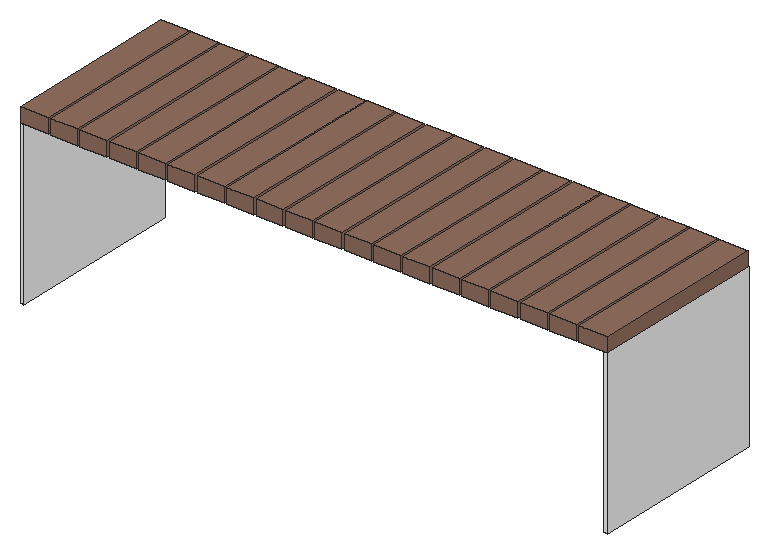
Revit family "HighTower_Ayre_Bench", category Furniture, Revit 2015
Parameters (values of type "Slat")
  Width = 5' - 0"
  Upholstered = no
  URL = "www.hightoweraccess.com"
  Slat = yes
  Seat [instance] = Furniture - HIGH TOWER - Ayre - Slat
  Product URL = "http://www.hightoweraccess.com/pricelist/new/pdf/ayre.pdf"
  Model = "HT12500"
  Manufacturer = "HighTower"
  Height = 1' - 6"
  Description = "Ayre Bench w/ Wood Slats"
  Depth = 1' - 6"
  Base [instance] = Furniture - HIGH TOWER - Ayre - Base
  Assembly Description = "Furniture & Accessories"
  Assembly Code = "E2020200"
Types (3): name | Upholstered | Slat | Seat | Model | Description
  (no name) | no | yes | Furniture - HIGH TOWER - Ayre - Slat | "HT12500" | "Ayre Bench w/ Wood Slats"
  Slat | no | yes | Furniture - HIGH TOWER - Ayre - Slat | "HT12500" | "Ayre Bench w/ Wood Slats"
  Upholstered | yes | no | Furniture - HIGH TOWER - Ayre - Upholstery | "HT12550U" | "Ayre Bench w/ Upholstered Seat"
Reference planes (in)
  plane 1 "Center Front/Back": y = -1.6274
  plane 2: z = 0
  plane 3 "Center Left/Right": x = 0
  plane 4 "L": x = -30
  plane 5 "R": x = 30
  plane 6 "F": y = -10.6274
  plane 7: y = 7.3726
  plane 8: through (-6.25338, 2.33237, 23.38953) normal (0.4297, -0.4297, 0.7941)
  plane 9: z = 18
  plane 10: z = 16.5
  plane 11: x = -29.25
  plane 12: x = 29.25
  plane 13 "BL": y = 4.3726
  plane 14 "FL": y = -7.6274
  plane 15: x = -27
  plane 16: x = -24
  plane 17: x = -21
  plane 18: x = -18
  plane 19: x = -15
  plane 20: x = -12
  plane 21: x = -9
  plane 22: x = -6
  plane 23: x = -3
  plane 24: x = 0
  plane 25: x = 3
  plane 26: x = 6
  plane 27: x = 9
  plane 28: x = 12
  plane 29: x = 15
  plane 30: x = 18
  plane 31: x = 21
  plane 32: x = 24
  plane 33: x = 27
Forms (in)
  Extrusion 1, solid, material "Furniture - HIGH TOWER - Ayre - Base" <- "Base"
    sketch origin (0, -7.6274, 0) x (-1, 0, 0) y (0, 0, -1)
      loop
        line (30, -16.5) -> (30, 0) -> (29.625, 0) -> (29.625, -16.5) -> (30, -16.5)
    from -15 to 3
  Extrusion 2, solid, material "Furniture - HIGH TOWER - Ayre - Base" <- "Base"
    sketch origin (0, -7.6274, 0) x (-1, 0, 0) y (0, 0, -1)
      loop
        line (-30, 0) -> (-30, -16.5) -> (-29.625, -16.5) -> (-29.625, 0) -> (-30, 0)
    from -15 to 3
  Extrusion 3, solid, material "Furniture - HIGH TOWER - Ayre - Slat" <- "Seat", visible <- "Slat"
    sketch origin (0, 0, 17.75) x (-1, 0, 0) y (0, -1, 0)
      loop
        line (30, -7.3726) -> (30, 10.6274) -> (27.125, 10.6274) -> (27.125, -7.3726) -> (30, -7.3726)
      loop
        line (24.125, -7.3726) -> (26.875, -7.3726) -> (26.875, 10.6274) -> (24.125, 10.6274) -> (24.125, -7.3726)
      loop
        line (23.875, -7.3726) -> (23.875, 10.6274) -> (21.125, 10.6274) -> (21.125, -7.3726) -> (23.875, -7.3726)
      loop
        line (17.875, -7.3726) -> (17.875, 10.6274) -> (15.125, 10.6274) -> (15.125, -7.3726) -> (17.875, -7.3726)
      loop
        line (18.125, -7.3726) -> (20.875, -7.3726) -> (20.875, 10.6274) -> (18.125, 10.6274) -> (18.125, -7.3726)
      loop
        line (12.125, -7.3726) -> (14.875, -7.3726) -> (14.875, 10.6274) -> (12.125, 10.6274) -> (12.125, -7.3726)
      loop
        line (11.875, -7.3726) -> (11.875, 10.6274) -> (9.125, 10.6274) -> (9.125, -7.3726) -> (11.875, -7.3726)
      loop
        line (5.875, -7.3726) -> (5.875, 10.6274) -> (3.125, 10.6274) -> (3.125, -7.3726) -> (5.875, -7.3726)
      loop
        line (6.125, -7.3726) -> (8.875, -7.3726) -> (8.875, 10.6274) -> (6.125, 10.6274) -> (6.125, -7.3726)
      loop
        line (0.125, -7.3726) -> (2.875, -7.3726) -> (2.875, 10.6274) -> (0.125, 10.6274) -> (0.125, -7.3726)
      loop
        line (-0.125, -7.3726) -> (-0.125, 10.6274) -> (-2.875, 10.6274) -> (-2.875, -7.3726) -> (-0.125, -7.3726)
      loop
        line (-6.125, -7.3726) -> (-6.125, 10.6274) -> (-8.875, 10.6274) -> (-8.875, -7.3726) -> (-6.125, -7.3726)
      loop
        line (-5.875, -7.3726) -> (-3.125, -7.3726) -> (-3.125, 10.6274) -> (-5.875, 10.6274) -> (-5.875, -7.3726)
      loop
        line (-11.875, -7.3726) -> (-9.125, -7.3726) -> (-9.125, 10.6274) -> (-11.875, 10.6274) -> (-11.875, -7.3726)
      loop
        line (-12.125, -7.3726) -> (-12.125, 10.6274) -> (-14.875, 10.6274) -> (-14.875, -7.3726) -> (-12.125, -7.3726)
      loop
        line (-18.125, -7.3726) -> (-18.125, 10.6274) -> (-20.875, 10.6274) -> (-20.875, -7.3726) -> (-18.125, -7.3726)
      loop
        line (-17.875, -7.3726) -> (-15.125, -7.3726) -> (-15.125, 10.6274) -> (-17.875, 10.6274) -> (-17.875, -7.3726)
      loop
        line (-23.875, -7.3726) -> (-21.125, -7.3726) -> (-21.125, 10.6274) -> (-23.875, 10.6274) -> (-23.875, -7.3726)
      loop
        line (-24.125, -7.3726) -> (-24.125, 10.6274) -> (-26.875, 10.6274) -> (-26.875, -7.3726) -> (-24.125, -7.3726)
      loop
        line (-30, -7.3726) -> (-27.125, -7.3726) -> (-27.125, 10.6274) -> (-30, 10.6274) -> (-30, -7.3726)
    from -1.25 to 0.25
  Extrusion 4, solid, material "Furniture - HIGH TOWER - Ayre - Base" <- "Base"
    sketch origin (0, 0, 0) x (0, 1, 0) y (0, 0, 1)
      loop
        line (4.3726, 16.5) -> (-7.6274, 16.5) -> (-7.6274, 14.5) -> (-7.3774, 14.5) -> (-7.3774, 16.25) -> (4.1226, 16.25) -> (4.1226, 14.5) -> (4.3726, 14.5) -> (4.3726, 16.5)
    from -29.625 to 29.625
  Extrusion 5, solid, material "Furniture - HIGH TOWER - Ayre - Slat" <- "Seat", visible <- "Upholstered"
    sketch origin (0, 0, 17.75) x (-1, 0, 0) y (0, -1, 0)
      loop
        line (30, -7.3726) -> (30, 10.6274) -> (-30, 10.6274) -> (-30, -7.3726) -> (30, -7.3726)
    from -1.25 to 0.25
Dimensions and locks (in)
  equal spacing: plane 4 "L", plane 3 "Center Left/Right", plane 5 "R"
  "Width": plane 4 "L" to plane 5 "R"
  "Depth": plane 7 to plane 6 "F"
  "Height": plane 9 to level
  equal spacing: plane 7, plane 1 "Center Front/Back", plane 6 "F"
  locked: plane 6 "F" to plane 14 "FL" at 3
  locked: plane 7 to plane 13 "BL" at 3
  locked: plane 4 "L" to plane 11 at 0.75
  locked: plane 12 to plane 5 "R" at 0.75
  equal spacing: plane 4 "L", plane 15, plane 16, plane 17, plane 18, plane 19, plane 20, plane 21, plane 22, plane 23, plane 24, plane 25, plane 26, plane 27, plane 28, plane 29, plane 30, plane 31, plane 32, plane 33, plane 5 "R"
  aligned and locked: plane 7 to Extrusion 1
  aligned and locked: Extrusion 1 to plane 6 "F"
  aligned and locked: plane 7 to Extrusion 2
  aligned and locked: Extrusion 2 to plane 6 "F"
  aligned and locked: Extrusion 5 sketch curve to plane 7
  aligned and locked: plane 6 "F" to Extrusion 5 sketch curve
  aligned and locked: plane 4 "L" to Extrusion 5 sketch curve
  aligned and locked: plane 5 "R" to Extrusion 5 sketch curve
  aligned and locked: Extrusion 5 to plane 10
  aligned and locked: Extrusion 4 to Extrusion 1
Automatic sketch dimensions
  Extrusion 1 sketch curve to plane 10 = 0' - 0"
  Extrusion 1 sketch curve to plane 11 = 0' - 0 3/8"
  Extrusion 1 sketch curve to level = 0' - 0"
  Extrusion 1 sketch curve to plane 4 "L" = 0' - 0"
  plane 5 "R" to Extrusion 2 sketch curve = 0' - 0"
  Extrusion 2 sketch curve to plane 10 = 0' - 0"
  Extrusion 2 sketch curve to plane 12 = 0' - 0 3/8"
  Extrusion 2 sketch curve to level = 0' - 0"
  Extrusion 3 sketch curve to plane 5 "R" = 0' - 0"
  Extrusion 3 sketch curve to plane 6 "F" = 0' - 0"  (x20)
  Extrusion 3 sketch curve to plane 7 = 0' - 0"  (x20)
  Extrusion 3 sketch curve to plane 4 "L" = 0' - 0"
  plane 33 to Extrusion 3 sketch curve = 0' - 0 1/8"
  Extrusion 3 sketch curve to plane 33 = 0' - 0 1/8"
  plane 32 to Extrusion 3 sketch curve = 0' - 0 1/8"
  Extrusion 3 sketch curve to plane 32 = 0' - 0 1/8"
  plane 31 to Extrusion 3 sketch curve = 0' - 0 1/8"
  Extrusion 3 sketch curve to plane 31 = 0' - 0 1/8"
  plane 30 to Extrusion 3 sketch curve = 0' - 0 1/8"
  Extrusion 3 sketch curve to plane 30 = 0' - 0 1/8"
  plane 29 to Extrusion 3 sketch curve = 0' - 0 1/8"
  Extrusion 3 sketch curve to plane 29 = 0' - 0 1/8"
  plane 28 to Extrusion 3 sketch curve = 0' - 0 1/8"
  Extrusion 3 sketch curve to plane 28 = 0' - 0 1/8"
  plane 27 to Extrusion 3 sketch curve = 0' - 0 1/8"
  Extrusion 3 sketch curve to plane 27 = 0' - 0 1/8"
  plane 26 to Extrusion 3 sketch curve = 0' - 0 1/8"
  Extrusion 3 sketch curve to plane 26 = 0' - 0 1/8"
  plane 25 to Extrusion 3 sketch curve = 0' - 0 1/8"
  Extrusion 3 sketch curve to plane 25 = 0' - 0 1/8"
  plane 3 "Center Left/Right" to Extrusion 3 sketch curve = 0' - 0 1/8"
  Extrusion 3 sketch curve to plane 3 "Center Left/Right" = 0' - 0 1/8"
  plane 23 to Extrusion 3 sketch curve = 0' - 0 1/8"
  Extrusion 3 sketch curve to plane 23 = 0' - 0 1/8"
  plane 22 to Extrusion 3 sketch curve = 0' - 0 1/8"
  Extrusion 3 sketch curve to plane 22 = 0' - 0 1/8"
  plane 21 to Extrusion 3 sketch curve = 0' - 0 1/8"
  Extrusion 3 sketch curve to plane 21 = 0' - 0 1/8"
  plane 20 to Extrusion 3 sketch curve = 0' - 0 1/8"
  Extrusion 3 sketch curve to plane 20 = 0' - 0 1/8"
  plane 19 to Extrusion 3 sketch curve = 0' - 0 1/8"
  Extrusion 3 sketch curve to plane 19 = 0' - 0 1/8"
  plane 18 to Extrusion 3 sketch curve = 0' - 0 1/8"
  Extrusion 3 sketch curve to plane 18 = 0' - 0 1/8"
  plane 17 to Extrusion 3 sketch curve = 0' - 0 1/8"
  Extrusion 3 sketch curve to plane 17 = 0' - 0 1/8"
  plane 16 to Extrusion 3 sketch curve = 0' - 0 1/8"
  Extrusion 3 sketch curve to plane 16 = 0' - 0 1/8"
  plane 15 to Extrusion 3 sketch curve = 0' - 0 1/8"
  Extrusion 3 sketch curve to plane 15 = 0' - 0 1/8"
  Extrusion 4 sketch curve to plane 14 "FL" = 0' - 0"
  Extrusion 4 sketch curve to plane 13 "BL" = 0' - 0"
  Extrusion 4 sketch curve to plane 10 = 0' - 0"
  Extrusion 4 sketch curve to plane 14 "FL" = 0' - 0 1/4"
  Extrusion 4 sketch curve to Extrusion 4 sketch curve = 0' - 0 1/4"
  Extrusion 4 sketch curve to plane 10 = 0' - 0 1/4"
  Extrusion 4 sketch curve to Extrusion 4 sketch curve = 0' - 1 3/4"  (x2)
